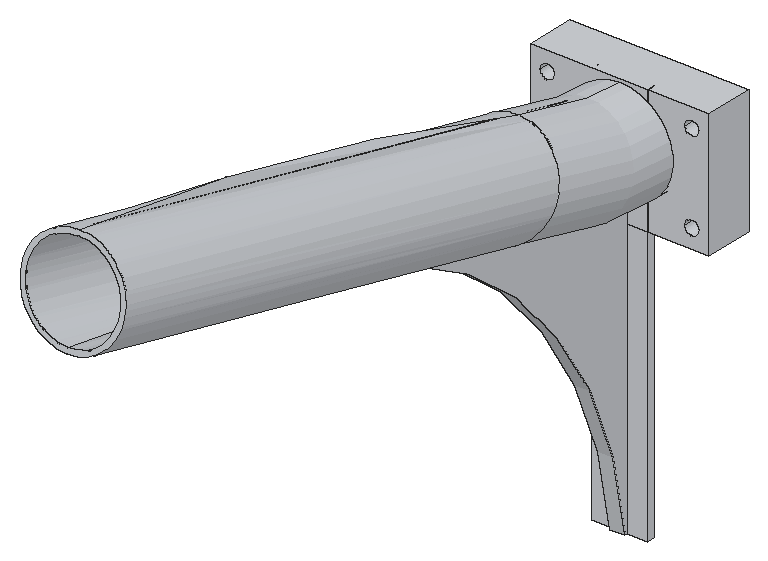
Revit family "Lighting-StreetLighting-GEWISS-STREET[O3]-SHORT_BRACKET", category Apparecchi per illuminazione, Revit 2019
Family settings
  Quota connettore circolare = Usa diametro
  Tipo di parte = Normale
  Numero OmniClass = 23.80.00.00
  Titolo OmniClass = Electric Power and Lighting
  Basato su piano di lavoro = Sì
  Sempre verticale = Sì
  Taglio con vuoti quando caricato = No
  Sorgente d'illuminazione = No
  Condiviso = No
  Punto di calcolo locali = No
Parameters (values of type "GW87587 - Galvanised steel - Grey - 0,5m")
  Weight (kg): = "3,5"
  Weight (kg) = "3,5"
  Version file RFA = "20.11"
  URL = "https://www.gewiss.com/ww/en"
  Tubolare = none
  Technical sheet = "https://www.gewiss.com/ww/en/search?q=GW87587"
  Supporti = none
  SIMBOLO [instance] = yes
  SEO = "Bracket"
  Realized by GEWISS S.p.A. = ""
  Default Elevation = 1219.2 mm
  Produttore = "GEWISS S.p.A."
  Modello = "GW87587"
  Material = "Galvanised steel"
  Length = "0.5 m"
  L_staffa = 120 mm
  Immagine tipo = GW87587.jpg
  IFC.TypeObject = ""
  IFC.ExportType = ""
  IFC.ExportAs = ""
  IDT = "3c9dcac4-61cc-486f-84a6-ab5b90133705"
  IDF = "5e60e61e-384f-446c-92ba-538ec82de001"
  Electrocod = "240"
  EAN code = "8011564783065"
  Descrizione = "STREET SHORT BRACKET 0,5m GRAPHITE GREY"
  Description: = "Short bracket"
  Colour = "Graphite grey"
  Catalogue Range = "STREET [O3]"
  Catalogue = "LIGHTING"
  COBie.Tagnumber = ""
  COBie.CreatedOn = ""
  COBie.CreatebBy = ""
  COBie.ComponentRegisterItemID = ""
  COBie.Component.TagNumber = ""
  COBie.Component.Space = ""
  COBie.Component.SerialNumber = ""
  COBie.Component.InstallationDate = ""
  COBie.Component.Description = ""
  COBie.Component.BarCode = ""
  BIDIMENSIONALE [instance] = not(SIMBOLO)  # no
  Altezza da terra testa staffa = 272.319 mm
Reference planes
  plane 1 "Centro (Fronte/Retro)": y = 0
  plane 2: z = 0
  plane 3 "Centro (Sinistra/Destra)": x = 0
  plane 4: z = 229.619
  plane 5: z = 272.319
  plane 6: z = 186.919
  plane 7: x = -60
  plane 8: x = 60
  plane 9: y = 33
  plane 10: z = 0
  plane 11: x = -5
  plane 12: x = 5
  plane 13: x = -18.616
  plane 14: x = 18.616
  plane 15: z = 259.619
  plane 16: z = 199.619
  plane 17: z = 0
Forms (mm)
  Extrusion 1, solid, material <- "Supporti"
    sketch origin (0, 0, -549.619) x (1, 0, 0) y (0, 0, -1)
      loop
        line (-60, -821.938) -> (60, -821.938) -> (60, -736.538) -> (-60, -736.538) -> (-60, -821.938)
      loop
        circle (-48.625, -809.238) r 4.92
      loop
        circle (48.625, -809.238) r 4.92
      loop
        circle (-48.625, -749.238) r 4.92
      loop
        circle (48.625, -749.238) r 4.92
    from 0 to -33
  Sweep 2, solid, material <- "Tubolare"
    path origin (0, 0, -549.619) x (0, -1, 0) y (0, 0, 1)
      loop
        arc (492.337, 895.447) -> (309.081, 858.344) -> (130.083, 804.314) r 2003
        arc (130.083, 804.314) -> (65.992, 787.519) -> (0, 781.616) r 397
    profile origin (0, -309.081, 308.725) x (0, 0.243968, 0.969783) y (1, 0, 0)
      loop
        circle (0, 0) r 35.5
      loop
        circle (0, 0) r 32
  Extrusion 3, solid, material <- "Supporti"
    sketch origin (0, 0, -549.619) x (0, -1, 0) y (0, 0, -1)
      loop
        arc (33, -747.724) -> (88.592, -755.908) -> (142.667, -771.181) r 435.5
        arc (142.667, -771.181) -> (177.366, -783.086) -> (212.282, -794.341) r 1964.5
        line (212.282, -794.341) -> (213.979, -790.415)
        arc (213.979, -790.415) -> (92.225, -693.998) -> (35, -549.619) r 300
        line (35, -549.619) -> (33, -549.619) -> (33, -747.724)
    from -5 to 5
  Extrusion 4, solid, material <- "Supporti"
    sketch origin (0, 0, -549.619) x (0, -1, 0) y (0, 0, -1)
      loop
        line (33, -821.938) -> (33, -549.619) -> (28, -549.619) -> (28, -821.938) -> (33, -821.938)
    from -18.616 to 18.616
Lines and regions (mm)
  Masking region 1, visible <- "BIDIMENSIONALE"
    outline origin (0, -33, 0) x (1, 0, 0) y (0, 1, 0)
      loop
        line (60, 0) -> (60, 33) -> (-60, 33) -> (-60, 0) -> (60, 0)
  Masking region 2, visible <- "BIDIMENSIONALE"
    outline origin (0.059, 0, 0) x (-1, 0, 0) y (0, -1, 0)
      loop
        spline (35.5, 492.337) -> (35.196, 493.043) -> (34.29, 493.738) -> (32.798, 494.408) -> (30.744, 495.043) -> (28.164, 495.632) -> (25.102, 496.164) -> (21.611, 496.631) -> (17.75, 497.025) -> (13.585, 497.338) -> (9.188, 497.565) -> (4.634, 497.704) -> (0, 497.75)
        spline (0, 497.75) -> (-4.634, 497.704) -> (-9.188, 497.565) -> (-13.585, 497.338) -> (-17.75, 497.025) -> (-21.611, 496.631) -> (-25.102, 496.164) -> (-28.164, 495.632) -> (-30.744, 495.043) -> (-32.798, 494.408) -> (-34.29, 493.738) -> (-35.196, 493.043) -> (-35.5, 492.337)
        line (-35.5, 492.337) -> (-35.5, 33) -> (35.5, 33) -> (35.5, 492.337)
  Masking region 3
    outline origin (0, 0, 0) x (1, 0, 0) y (0, 0, 1)
      loop
        line (-60, 272.319) -> (-60, 186.919) -> (60, 186.919) -> (60, 272.319) -> (-60, 272.319)
      loop
        circle (-48.625, 259.619) r 4.92
      loop
        circle (48.625, 259.619) r 4.92
      loop
        circle (48.625, 199.619) r 4.92
      loop
        circle (-48.625, 199.619) r 4.92
  Masking region 4
    outline origin (0, 0, 0) x (1, 0, 0) y (0, 0, 1)
      loop
        line (-18.616, 0) -> (18.616, 0) -> (18.616, 186.919) -> (-18.616, 186.919) -> (-18.616, 0)
      loop
        line (-35.5, 345.828) -> (-35.5, 231.997)
        spline (-35.5, 231.997) -> (-35.196, 227.364) -> (-34.29, 222.809) -> (-32.798, 218.412) -> (-30.744, 214.248) -> (-28.164, 210.387) -> (-25.102, 206.895) -> (-21.611, 203.834) -> (-17.75, 201.254) -> (-13.585, 199.2) -> (-9.188, 197.707) -> (-4.634, 196.802) -> (0, 196.498)
        spline (0, 196.498) -> (4.634, 196.802) -> (9.188, 197.707) -> (13.585, 199.2) -> (17.75, 201.254) -> (21.611, 203.834) -> (25.102, 206.895) -> (28.164, 210.387) -> (30.744, 214.248) -> (32.798, 218.412) -> (34.29, 222.809) -> (35.196, 227.364) -> (35.5, 231.997)
        line (35.5, 231.997) -> (35.5, 345.828)
        spline (35.5, 345.828) -> (35.196, 350.407) -> (34.29, 354.908) -> (32.798, 359.254) -> (30.744, 363.37) -> (28.164, 367.186) -> (25.102, 370.637) -> (21.611, 373.663) -> (17.75, 376.212) -> (13.585, 378.242) -> (9.188, 379.717) -> (4.634, 380.613) -> (0, 380.913)
        spline (0, 380.913) -> (-4.634, 380.613) -> (-9.188, 379.717) -> (-13.585, 378.242) -> (-17.75, 376.212) -> (-21.611, 373.663) -> (-25.102, 370.637) -> (-28.164, 367.186) -> (-30.744, 363.37) -> (-32.798, 359.254) -> (-34.29, 354.908) -> (-35.196, 350.407) -> (-35.5, 345.828)
  Masking region 5
    outline origin (0, 0, -549.619) x (0, -1, 0) y (0, 0, 1)
      loop
        arc (486.924, 930.532) -> (363.619, 906.959) -> (241.886, 876.284) r 2166.689
        arc (241.886, 876.284) -> (137.999, 844.76) -> (33, 817.163) r 2886.698
        line (33, 817.163) -> (33, 821.938) -> (0, 821.938) -> (0, 736.538) -> (28, 736.538) -> (28, 549.619) -> (35, 549.619)
        arc (35, 549.619) -> (92.225, 693.998) -> (213.979, 790.415) r 300
        line (213.979, 790.415) -> (212.282, 794.341)
        arc (212.282, 794.341) -> (353.712, 832.991) -> (497.75, 860.362) r 1856.629
        line (497.75, 860.362) -> (486.924, 930.532)
Dimensions and locks
  equal spacing: plane 5, plane 4, plane 6
  locked: plane 5 to plane 6 at 85.4
  equal spacing: plane 7, plane 3 "Centro (Sinistra/Destra)", plane 8
  "L_staffa": plane 7 to plane 8
  "Altezza da terra testa staffa": plane 5 to level
  plane 1 "Centro (Fronte/Retro)" to plane 9 = 33 mm
  locked: plane 5 to plane 10 at 272.319
  equal spacing: plane 12, plane 3 "Centro (Sinistra/Destra)", plane 11
  equal spacing: plane 14, plane 3 "Centro (Sinistra/Destra)", plane 13
  Extrusion 1 sketch curve to Extrusion 1 sketch curve = 60 mm
  locked: Extrusion 1 sketch curve to Extrusion 1 sketch curve at 11.375
  aligned and locked: level to plane 2
  aligned and locked: plane 3 "Centro (Sinistra/Destra)" to nested 1
  aligned and locked: nested 1 to plane 9
  aligned and locked: plane 5 to Masking region 3 sketch curve
  aligned and locked: Masking region 3 sketch curve to plane 7
  aligned and locked: Masking region 3 sketch curve to plane 6
  aligned and locked: plane 8 to Masking region 3 sketch curve
  aligned and locked: Extrusion 1 sketch curve to plane 15
  aligned and locked: Extrusion 1 sketch curve to plane 16
  aligned and locked: plane 16 to Extrusion 1 sketch curve
  aligned and locked: plane 17 to Extrusion 3
  aligned and locked: plane 17 to Extrusion 4 sketch curve
Automatic sketch dimensions
  Masking region 1 sketch curve to plane 7 = 0 mm
  Masking region 3 sketch curve to Masking region 3 sketch curve = 0 mm  (x8)
  Masking region 3 sketch curve to plane 7 = 11.375 mm  (x2)
  plane 8 to Masking region 3 sketch curve = 11.375 mm  (x2)
  Masking region 3 sketch curve to plane 6 = 12.7 mm  (x2)
  plane 5 to Masking region 3 sketch curve = 12.7 mm  (x2)
  Masking region 3 sketch curve to Masking region 3 sketch curve = 4.92 mm  (x4)
  Masking region 4 sketch curve to plane 3 "Centro (Sinistra/Destra)" = 0 mm  (x2)
  plane 4 to Masking region 4 sketch curve = 2.378 mm
  Masking region 4 sketch curve to plane 13 = 16.884 mm
  Masking region 4 sketch curve to Masking region 4 sketch curve = 0 mm  (x3)
  Masking region 4 sketch curve to plane 5 = 73.509 mm
  Masking region 4 sketch curve to plane 6 = 9.579 mm
  Masking region 4 sketch curve to Masking region 4 sketch curve = 35.085 mm
  Extrusion 1 sketch curve to plane 6 = 0 mm
  Extrusion 1 sketch curve to plane 7 = 0 mm
  Extrusion 1 sketch curve to plane 8 = 0 mm
  Extrusion 1 sketch curve to plane 5 = 0 mm
  Extrusion 1 sketch curve to plane 7 = 11.375 mm  (x2)
  plane 8 to Extrusion 1 sketch curve = 11.375 mm
  Sweep 2 sketch curve to plane 1 "Centro (Fronte/Retro)" = 0 mm
  plane 1 "Centro (Fronte/Retro)" to Sweep 2 sketch curve = 2.25 mm
  Sweep 2 sketch curve to plane 1 "Centro (Fronte/Retro)" = 797.75 mm
  level to Sweep 2 sketch curve = 1633.751 mm
  plane 5 to Sweep 2 sketch curve = 356.672 mm
  Sweep 2 sketch curve to plane 5 = 17.623 mm
  Sweep 2 sketch curve to plane 1 "Centro (Fronte/Retro)" = 130.083 mm
  Sweep 2 sketch curve to Sweep 2 sketch curve = 0 mm  (x3)
  plane 5 to Sweep 2 sketch curve = 73.509 mm
  Sweep 2 sketch curve to Sweep 2 sketch curve = 362.254 mm
  Sweep 2 sketch curve to plane 3 "Centro (Sinistra/Destra)" = 0 mm
  Sweep 2 sketch curve to profile plane = 0 mm
  Extrusion 3 sketch curve to level = 0 mm
  plane 1 "Centro (Fronte/Retro)" to Extrusion 3 sketch curve = 2.5 mm
  Extrusion 3 sketch curve to plane 1 "Centro (Fronte/Retro)" = 33 mm
  Extrusion 3 sketch curve to Extrusion 3 sketch curve = 2 mm
  Extrusion 3 sketch curve to plane 4 = 15.103 mm
  Extrusion 3 sketch curve to Extrusion 3 sketch curve = 179.282 mm
  Extrusion 3 sketch curve to plane 4 = 11.177 mm
  Extrusion 3 sketch curve to Extrusion 3 sketch curve = 1.697 mm
  level to Extrusion 3 sketch curve = 34.583 mm
  Extrusion 3 sketch curve to plane 1 "Centro (Fronte/Retro)" = 797.5 mm
  level to Extrusion 3 sketch curve = 1630.586 mm
  plane 6 to Extrusion 3 sketch curve = 11.186 mm
  plane 5 to Extrusion 3 sketch curve = 359.836 mm
  plane 4 to Extrusion 3 sketch curve = 8.057 mm
  Extrusion 3 sketch curve to Extrusion 3 sketch curve = 0 mm
  plane 5 to Extrusion 4 sketch curve = 0 mm
  Extrusion 4 sketch curve to plane 1 "Centro (Fronte/Retro)" = 28 mm
  Extrusion 4 sketch curve to Extrusion 4 sketch curve = 5 mm
  Masking region 5 sketch curve to plane 1 "Centro (Fronte/Retro)" = 0 mm
  Masking region 5 sketch curve to level = 0 mm
  plane 6 to Masking region 5 sketch curve = 0 mm
  plane 5 to Masking region 5 sketch curve = 0 mm
  plane 9 to Masking region 5 sketch curve = 615.144 mm
  plane 1 "Centro (Fronte/Retro)" to Masking region 5 sketch curve = 28 mm
  plane 5 to Masking region 5 sketch curve = 4.775 mm
  plane 1 "Centro (Fronte/Retro)" to Masking region 5 sketch curve = 33 mm
  Masking region 5 sketch curve to Masking region 5 sketch curve = 7 mm
  plane 4 to Masking region 5 sketch curve = 15.103 mm
  Masking region 5 sketch curve to Masking region 5 sketch curve = 179.282 mm
  plane 4 to Masking region 5 sketch curve = 11.177 mm
  Masking region 5 sketch curve to Masking region 5 sketch curve = 1.697 mm
  Masking region 5 sketch curve to level = 34.583 mm
  Masking region 5 sketch curve to plane 5 = 108.594 mm
  Masking region 5 sketch curve to Masking region 5 sketch curve = 274.642 mm
  Masking region 5 sketch curve to plane 5 = 38.424 mm
  Masking region 5 sketch curve to Masking region 5 sketch curve = 10.826 mm
  plane 1 "Centro (Fronte/Retro)" to Masking region 5 sketch curve = 772.058 mm
  Masking region 5 sketch curve to Masking region 5 sketch curve = 59.889 mm
  Masking region 5 sketch curve to Masking region 5 sketch curve = 232.619 mm
  Masking region 5 sketch curve to plane 5 = 2800.411 mm
  Masking region 1 sketch curve to plane 8 = 0 mm
  plane 1 "Centro (Fronte/Retro)" to Masking region 1 sketch curve = 33 mm
  Masking region 1 sketch curve to plane 9 = 33 mm
  Masking region 4 sketch curve to plane 6 = 0 mm
  plane 13 to Masking region 4 sketch curve = 0 mm
  Masking region 4 sketch curve to level = 0 mm
  plane 14 to Masking region 4 sketch curve = 0 mm
  plane 3 "Centro (Sinistra/Destra)" to Masking region 2 sketch curve = 0.059 mm
  plane 14 to Masking region 2 sketch curve = 16.943 mm
  Masking region 2 sketch curve to plane 13 = 16.826 mm
  plane 1 "Centro (Fronte/Retro)" to Masking region 2 sketch curve = 33 mm
  Masking region 2 sketch curve to Masking region 2 sketch curve = 459.337 mm
  Masking region 2 sketch curve to Masking region 2 sketch curve = 0 mm
  Masking region 2 sketch curve to Masking region 2 sketch curve = 5.413 mm
  radius of Extrusion 1 sketch curve = 4.92 mm  (x4)
  radius of Sweep 2 sketch curve = 35.5 mm
  radius of Sweep 2 sketch curve = 32 mm
Nested families
  nested 1: "ACCPALO" at (0, 33, 0), visible <- "SIMBOLO", type "ACCPALO"
Definition of nested family "ACCPALO"
  Reference planes
    plane 1 "Centro (Fronte/Retro)": y = 0
    plane 2: z = 0
    plane 3 "Centro (Sinistra/Destra)": x = 0
  Lines and regions (mm)
    detail lines, in view "Livello rif."
      curve 1: spline (-17.247, 26.335, 0) -> (-16.659, 25.345, 0) -> (-14.936, 24.424, 0) -> (-12.195, 23.632, 0) -> (-8.623, 23.025, 0) -> (-4.464, 22.643, 0) -> (0, 22.513, 0) -> (4.464, 22.643, 0) -> (8.623, 23.025, 0) -> (12.195, 23.632, 0) -> (14.936, 24.424, 0) -> (16.659, 25.345, 0) -> (17.247, 26.335, 0) -> (16.659, 27.324, 0) -> (14.936, 28.245, 0) -> (12.195, 29.037, 0) -> (8.623, 29.644, 0) -> (4.464, 30.026, 0) -> (0, 30.156, 0) -> (-4.464, 30.026, 0) -> (-8.623, 29.644, 0) -> (-12.195, 29.037, 0) -> (-14.936, 28.245, 0) -> (-16.659, 27.324, 0) -> (-17.247, 26.335, 0)
      curve 2: spline (-17.266, -26.469, 0) -> (-14.61, -27.838, 0) -> (-11.877, -28.965, 0) -> (-9.078, -29.846, 0) -> (-6.224, -30.478, 0) -> (-3.325, -30.859, 0) -> (-0.393, -30.986, 0) -> (2.562, -30.86, 0) -> (5.527, -30.481, 0) -> (8.491, -29.85, 0) -> (11.443, -28.969, 0) -> (14.372, -27.843, 0) -> (17.266, -26.475, 0)
      curve 3: line (-85.401, -52.093, 0) -> (85.401, -52.093, 0)
      curve 4: line (85.401, -52.093, 0) -> (85.401, 52.093, 0)
      curve 5: line (85.401, 52.093, 0) -> (-85.401, 52.093, 0)
      curve 6: line (-85.401, 52.093, 0) -> (-85.401, -52.093, 0)
      curve 7: line (-17.266, -26.469, 0) -> (-17.266, 26.335, 0)
      curve 8: line (17.266, -26.475, 0) -> (17.266, 26.335, 0)
